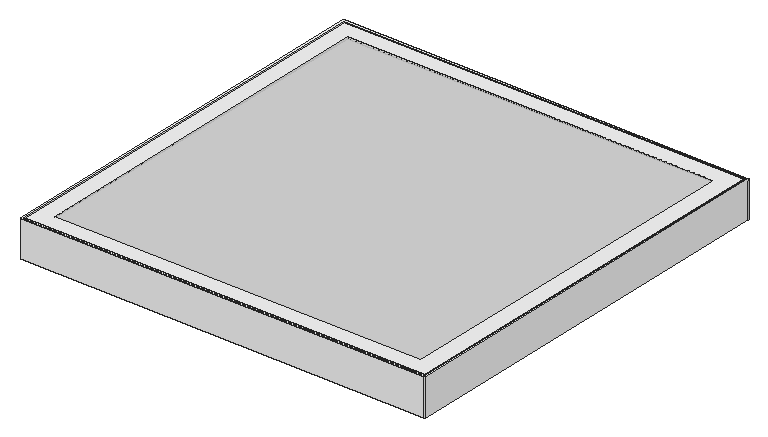
Revit family "0047510+3036809 Sylvania Lighting Fixture START FLAT PANEL LED UGR19 600 WW with SURFACE MOUNT FRAME", category Lighting Fixtures, host Face, Revit 2017
Family settings
  Host = Face
  Round Connector Dimension = Use Diameter
  Part Type = Normal
  OmniClass Number = 23.80.70.11.17
  OmniClass Title = Specialized Lighting by Location or Use
  Cut with Voids When Loaded = No
  Light Source = Yes
  Shared = No
  Room Calculation Point = No
Parameters (values of type "0047510+3036809 START FLAT PANEL LED UGR19 600 WW with SURFACE MOUNT FRAME")
  Weight = "18.5 kg"
  Wattage = 40 W
  WarrantyStartDate [instance] = "n/a"
  WarrantyGuarantorParts = "n/a"
  WarrantyDurationUnit = "n/a"
  WarrantyDurationParts = "n/a"
  WarrantyDescription = "n/a"
  built-in parameter 1150110 = 1 (stored number, unit not read)
  Voltage = 230 V
  URL = "http://www.sylvania-lighting.com"
  TypeName = "START FLAT PANEL LED UGR19 600 WW with SURFACE MOUNT FRAME"
  built-in parameter 1114217 = 1 (stored number, unit not read)
  Tilt Angle = -90.00°
  built-in parameter 1150109 = 1 (stored number, unit not read)
  built-in parameter 1150134 = (empty or 0)
  built-in parameter 1150113 = 1 (stored number, unit not read)
  SerialNumber [instance] = "n/a"
  PowerFactor = 0
  PowerConsumption = "40 W"
  Photometric Web File = "0047510.ies"
  NominalLength = 602.0 mm
  NominalHeight = 54.0 mm
  NominalDepth = 602.0 mm
  Name = "START FLAT PANEL LED UGR19 600 WW with SURFACE MOUNT FRAME"
  ModelReference = "START FLAT PANEL LED UGR19 600 WW with SURFACE MOUNT FRAME"
  ModelNumber = "0047510+3036809"
  Material_4_SYL = none
  Material = "powder coated steel housing, acrylic pmma diffuser"
  ManufacturerName = "Feilo Sylvania"
  LuminousEfficacy = "88 lm/W"
  LuminaireType = ""
  LightOutputRatio = "100"
  LampsType = Lamp  # "Integrated LED"
  LampNominalLuminous = "3500 lm"
  LampMacAdamStep = "n/a"
  LampColourTemperature = "3000 K"
  LampColourRenderingIndex = "80"
  Keynote = "16500"
  InstallationDate [instance] = "n/a"
  InputVoltage = "220-240V~"
  InputNominalFrequency = "n/a"
  IngressProtection = "IP20"
  ImpactProtectionIndex = "IK05"
  IfcExportType = "IfcLightFixtureType"
  IfcExportAs = "IfcLightFixtureType"
  HeightSMFrame_SYL = 54.0 mm
  ExpectedLife = 50000
  ElectricShockClassification = "Class II"
  DurationUnit = "hours"
  DocumentationLiterature = "http://www.sylvania-lighting.com/product/en-int/products/0047510"
  DimmingControlOptions = "n/a"
  Material_1_SYL = Polycarbonate_Sylvania_Startflat Panel LED_Opal
  CreatedOn = "6/22/2018"
  CreatedBy = ""
  built-in parameter 1114216 [instance] = 1 (stored number, unit not read)
  Model = "START FLAT PANEL LED UGR19 600 WW with SURFACE MOUNT FRAME"
  Manufacturer = "Feilo Sylvania"
  built-in parameter 1150105 = 1906.8 (stored number, unit not read)
  Lumens = 3520 lm
  built-in parameter 1150115 = 1 (stored number, unit not read)
  built-in parameter 1150137 = (empty or 0)
  built-in parameter 1150139 = (empty or 0)
  built-in parameter 1150112 = 1 (stored number, unit not read)
  built-in parameter 1150114 = 1 (stored number, unit not read)
  Lamp = "Integrated LED"  # constant formula
  built-in parameter 1150132 = 2
  built-in parameter 1150102 = (empty or 0)
  built-in parameter 1150107 = 3000 (stored number, unit not read)
  built-in parameter 1150138 = (empty or 0)
  built-in parameter 1150106 = 19.068 (stored number, unit not read)
  Material_2_SYL = Metal_Sylvania_Startflat Panel LED_White
  Emit from Rectangle Width = 545.0 mm
  Emit from Rectangle Length = 545.0 mm
  Emit Shape Visible in Rendering = no
  built-in parameter 1150104 = 8.1755 (stored number, unit not read)
  Dimming Lamp Color Temperature Shift = <None>
  Description = "Ultra thin LED Panel, excellent uniformity of light, perfect for ceilings with low voids, high efficacy.Ulta thin edgelit LED 600x600mm Panel with, excellent uniform light distribution. Acrylic PMMA diffuser optimising light output whilst reducing glare. 4239lm 93lm/W."  # constant formula
  Default Elevation = 0.0 mm
  Color Filter = 16777215
  built-in parameter 1140040 [instance] = 1
  BarCode [instance] = "n/a"
  built-in parameter 1114218 = 1 (stored number, unit not read)
  built-in parameter 1150133 = 10 (stored number, unit not read)
  AssetType = "Fixed"
  AssetIdentifier [instance] = "n/a"
  Assembly Code = "D5020200"
  Apparent Load = 40 VA
  Material_3_SYL = Metal_Sylvania_Startflat Panel LED_Silver
Reference planes
  plane 1 "Center (Front/Back)": y = 0
  plane 2 "Fixture Top": z = 43.5
  plane 3 "Center (Left/Right)": x = 0
  plane 4: x = 295.5
  plane 5: x = -295.5
  plane 6 "Fixture Back": y = 297.5
  plane 7 "Fixture Front": y = -297.5
  plane 8 "Fixture Left": x = -297.5
  plane 9 "Fixture Right": x = 297.5
  plane 10: y = 295.5
  plane 11: y = -295.5
  plane 12: x = 272.5
  plane 13: x = -272.5
  plane 14: y = -272.5
  plane 15: y = 287
  plane 16: y = -287
  plane 17 "Fixture Bottom": z = 54
  plane 18: z = 52
  plane 19: z = 50
  plane 20: z = 45.5
  plane 21: x = -301
  plane 22: x = 301
  plane 23: y = 301
  plane 24: y = -301
Forms (mm)
  Extrusion 1, solid, material "Metal_Sylvania_Startflat Panel LED_White" <- "Material_2_SYL"
    sketch origin (0, 0, 60) x (-1, 0, 0) y (0, -1, 0)
      loop
        line (297.5, -297.5) -> (297.5, 297.5) -> (-297.5, 297.5) -> (-297.5, -297.5) -> (297.5, -297.5)
      loop
        line (272.5, -272.5) -> (272.5, 272.5) -> (-272.5, 272.5) -> (-272.5, -272.5) -> (272.5, -272.5)
    from -8 to -6
  Extrusion 2, solid, material "Metal_Sylvania_Startflat Panel LED_White" <- "Material_2_SYL"
    sketch origin (0, 0, 60) x (-1, 0, 0) y (0, -1, 0)
      loop
        line (297.5, -297.5) -> (297.5, 297.5) -> (-297.5, 297.5) -> (-297.5, -297.5) -> (297.5, -297.5)
      loop
        line (295.5, -295.5) -> (295.5, 295.5) -> (-295.5, 295.5) -> (-295.5, -295.5) -> (295.5, -295.5)
    from -16.5 to -8
  Extrusion 3, solid, material "Polycarbonate_Sylvania_Startflat Panel LED_Opal" <- "Material_1_SYL"
    sketch origin (0, 0, 60) x (-1, 0, 0) y (0, -1, 0)
      loop
        line (295.5, -295.5) -> (295.5, 295.5) -> (-295.5, 295.5) -> (-295.5, -295.5) -> (295.5, -295.5)
    from -10 to -8
  Extrusion 4, solid, material "Metal_Sylvania_Startflat Panel LED_White" <- "Material_2_SYL"
    sketch origin (0, 0, 60) x (-1, 0, 0) y (0, -1, 0)
      loop
        line (297.5, -297.5) -> (297.5, 297.5) -> (-297.5, 297.5) -> (-297.5, -297.5) -> (297.5, -297.5)
    from -16.5 to -14.5
  Extrusion 5, solid, material "Metal_Sylvania_Startflat Panel LED_White" <- "Material_2_SYL", detail levels coarse+medium
    sketch origin (0, 0, 60) x (-1, 0, 0) y (0, -1, 0)
      loop
        line (297.5, -297.5) -> (297.5, 297.5) -> (-297.5, 297.5) -> (-297.5, -297.5) -> (297.5, -297.5)
    from -16.5 to -6
  Extrusion 6, solid, material "Metal_Sylvania_Startflat Panel LED_White" <- "Material_2_SYL"
    sketch origin (0, 0, 0) x (1, 0, 0) y (0, 1, 0)
      loop
        line (-301, 300) -> (-301, -300)
        arc (-301, -300) -> (-300.707, -300.707) -> (-300, -301) r 1
        line (-300, -301) -> (300, -301)
        arc (300, -301) -> (300.707, -300.707) -> (301, -300) r 1
        line (301, -300) -> (301, 300)
        arc (301, 300) -> (300.707, 300.707) -> (300, 301) r 1
        line (300, 301) -> (-300, 301)
        arc (-300, 301) -> (-300.707, 300.707) -> (-301, 300) r 1
      loop
        line (297.5, 297.5) -> (-297.5, 297.5) -> (-297.5, -297.5) -> (297.5, -297.5) -> (297.5, 297.5)
    from 0 to 54
Cuts and joins
  joined: Extrusion 1, Extrusion 2, Extrusion 4
Dimensions and locks
  equal spacing: plane 6 "Fixture Back", plane 1 "Center (Front/Back)", plane 7 "Fixture Front"
  locked: plane 6 "Fixture Back" to plane 7 "Fixture Front" at 595
  equal spacing: plane 8 "Fixture Left", plane 3 "Center (Left/Right)", plane 9 "Fixture Right"
  locked: plane 8 "Fixture Left" to plane 9 "Fixture Right" at 595
  locked: plane 8 "Fixture Left" to plane 5 at 2
  locked: plane 4 to plane 9 "Fixture Right" at 2
  locked: plane 6 "Fixture Back" to plane 10 at 2
  locked: plane 11 to plane 7 "Fixture Front" at 2
  locked: plane 12 to plane 9 "Fixture Right" at 25
  locked: plane 8 "Fixture Left" to plane 13 at 25
  locked: plane 14 to plane 7 "Fixture Front" at 25
  equal spacing: plane 15, plane 1 "Center (Front/Back)", plane 16
  locked: plane 15 to plane 16 at 574
  locked: plane 17 "Fixture Bottom" to plane 2 "Fixture Top" at 10.5
  plane 17 "Fixture Bottom" to plane 18 to plane 19 = 2.0 mm locked, 2.0 mm locked
  locked: plane 20 to plane 2 "Fixture Top" at 2
  "HeightSMFrame_SYL": plane 17 "Fixture Bottom" to level
  equal spacing: plane 24, plane 1 "Center (Front/Back)", plane 23
  locked: plane 24 to plane 23 at 602
  equal spacing: plane 21, plane 3 "Center (Left/Right)", plane 22
  locked: plane 21 to plane 22 at 602
  aligned and locked: level to host face
  aligned and locked: imposter light to plane 1 "Center (Front/Back)"
  aligned and locked: Extrusion 1 sketch curve to plane 6 "Fixture Back"
  aligned and locked: plane 8 "Fixture Left" to Extrusion 1 sketch curve
  aligned and locked: plane 7 "Fixture Front" to Extrusion 1 sketch curve
  aligned and locked: Extrusion 1 sketch curve to plane 9 "Fixture Right"
  aligned and locked: plane 13 to Extrusion 1 sketch curve
  aligned and locked: plane 14 to Extrusion 1 sketch curve
  aligned and locked: Extrusion 1 sketch curve to plane 12
  aligned and locked: Extrusion 2 sketch curve to Extrusion 1  (x4)
  aligned and locked: Extrusion 2 sketch curve to plane 10
  aligned and locked: plane 5 to Extrusion 2 sketch curve
  aligned and locked: plane 11 to Extrusion 2 sketch curve
  aligned and locked: Extrusion 2 sketch curve to plane 4
  aligned and locked: Extrusion 3 sketch curve to cut or joined group of Extrusion 1, Extrusion 2, Extrusion 4  (x4)
  aligned and locked: plane 17 "Fixture Bottom" to cut or joined group of Extrusion 1, Extrusion 2, Extrusion 4
  aligned and locked: cut or joined group of Extrusion 1, Extrusion 2, Extrusion 4 to plane 18
  aligned and locked: plane 18 to cut or joined group of Extrusion 1, Extrusion 2, Extrusion 4
  aligned and locked: cut or joined group of Extrusion 1, Extrusion 2, Extrusion 4 to plane 2 "Fixture Top"
  aligned and locked: plane 18 to Extrusion 3
  aligned and locked: Extrusion 3 to plane 19
  aligned and locked: plane 3 "Center (Left/Right)" to imposter light
  aligned and locked: plane 17 "Fixture Bottom" to imposter light
  aligned and locked: Extrusion 4 sketch curve to cut or joined group of Extrusion 1, Extrusion 2, Extrusion 4  (x4)
  aligned and locked: Extrusion 4 to plane 2 "Fixture Top"
  aligned and locked: plane 20 to Extrusion 4
  aligned and locked: Extrusion 5 sketch curve to cut or joined group of Extrusion 1, Extrusion 2, Extrusion 4  (x4)
  aligned and locked: Extrusion 5 to plane 2 "Fixture Top"
  aligned and locked: plane 17 "Fixture Bottom" to Extrusion 5
  aligned and locked: Extrusion 6 sketch curve to plane 21
  aligned and locked: Extrusion 6 sketch curve to plane 22
  aligned and locked: Extrusion 6 sketch curve to plane 23
  aligned and locked: Extrusion 6 sketch curve to plane 24
  aligned and locked: Extrusion 6 sketch curve to plane 9 "Fixture Right"
  aligned and locked: Extrusion 6 sketch curve to plane 6 "Fixture Back"
  aligned and locked: Extrusion 6 sketch curve to plane 8 "Fixture Left"
  aligned and locked: Extrusion 6 sketch curve to plane 7 "Fixture Front"
  aligned and locked: imposter light to Extrusion 6
  aligned and locked: Extrusion 6 to level
Automatic sketch dimensions
  host sketch curve to host sketch curve = 1461.012 mm
  host sketch curve to host sketch curve = 1283.632 mm
  Extrusion 1 sketch curve to plane 15 = 14.5 mm
  plane 21 to Extrusion 6 sketch curve = 1.0 mm  (x2)
  plane 6 "Fixture Back" to Extrusion 6 sketch curve = 2.5 mm
  Extrusion 6 sketch curve to plane 22 = 1.0 mm
Connectors
  electrical at (0, 0, 43.5), driven by "Apparent Load"
    settings: on cut or joined group of Extrusion 1, Extrusion 2, Extrusion 4, index 1, voltage 230 V, apparent load 0 VA, apparent load phase1 40 VA, apparent load phase2 0 VA, apparent load phase3 0 VA, power factor 1, load classification "Lighting", number of poles 1, system type 31, power factor state 1, is connector primary yes, connector utility no, sub classification motor no, connector description ""
